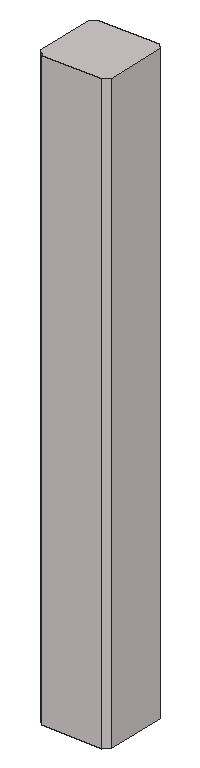
Revit family "프리캐스트-직사각형 기둥", category 구조 기둥, Revit 2026
Family settings
  숨겨진 뷰로 표시 = 다른 부재에 가려진 모서리
  단면 모양 = 정의되지 않음
  모델 동작 재료 = 프리캐스트 콘크리트
  항상 형상으로 내보내기 = 아니오
  평면의 보 전환 = 경계 상자에서
  로드될 때 보이드를 사용하여 절단 = 아니오
  기호 표현 = 패밀리에서
  공유 = 아니오
  평면도에서 미리 절단된 패밀리 표시 = 예
Parameters (values of type "300 x 300")
  모따기 = 25 mm
  Structural Material [instance] = 콘크리트 - 프리캐스트 콘크리트 - 35MPa
  b = 300 mm
  h = 300 mm
Types (4, lengths in mm): name | 모따기 | b | h
  (no name) | 25 | 300 | 300
  300 x 300 | 25 | 300 | 300
  450 x 450 | 25 | 450 | 450
  600 x 600 | 40 | 600 | 600
Reference planes
  plane 1 "중심(앞/뒤)": y = 0
  plane 2: z = 0
  plane 3 "중심(왼쪽/오른쪽)": x = 0
  plane 4: x = -150
  plane 5: x = 150
  plane 6: y = 150
  plane 7: y = -150
  plane 8: x = -125
  plane 9: y = -125
  plane 10: x = 125
  plane 11: y = 125
Forms (mm)
  Extrusion 1, solid, material "콘크리트 - 프리캐스트 콘크리트 - 35MPa" <- "Structural Material"
    sketch origin (0, 0, 0) x (1, 0, 0) y (0, 1, 0)
      loop
        line (-125, 150) -> (-150, 125) -> (-150, -125) -> (-125, -150) -> (125, -150) -> (150, -125) -> (150, 125) -> (125, 150) -> (-125, 150)
    from 0 to 2500
Dimensions and locks
  equal spacing: plane 4, plane 3 "중심(왼쪽/오른쪽)", plane 5
  equal spacing: plane 7, plane 1 "중심(앞/뒤)", plane 6
  "h": plane 7 to plane 6
  "b": plane 4 to plane 5
  "모따기": plane 4 to plane 8
  "모따기": plane 10 to plane 5
  "모따기": plane 11 to plane 6
  "모따기": plane 7 to plane 9
  aligned and locked: plane 6 to Extrusion 1 sketch curve
  aligned and locked: Extrusion 1 sketch curve to plane 7
  aligned and locked: Extrusion 1 sketch curve to plane 4
  aligned and locked: plane 5 to Extrusion 1 sketch curve
  aligned and locked: level to Extrusion 1
  aligned and locked: level to plane 2
  aligned and locked: Extrusion 1 to plane 2
Automatic sketch dimensions
  Extrusion 1 sketch curve to plane 8 = 0 mm  (x2)
  Extrusion 1 sketch curve to plane 10 = 0 mm  (x2)
  Extrusion 1 sketch curve to plane 9 = 0 mm  (x2)
  Extrusion 1 sketch curve to plane 11 = 0 mm  (x2)
